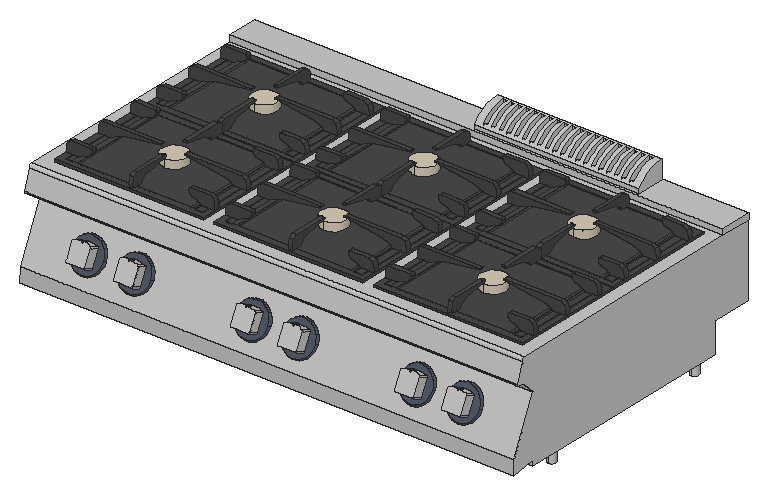
Revit family "QF_ZANUSSI_372004_Z7GCGL6C00", category Specialty Equipment, Revit 2018
Family settings
  Round Connector Dimension = Use Diameter
  Part Type = Normal
  Work Plane-Based = No
  Always vertical = Yes
  Cut with Voids When Loaded = No
  Shared = No
  Room Calculation Point = No
Parameters
  Width = 1200 mm  # constant formula
  Weight in Pounds = 121  # constant formula
  Weight = 0.00 kg
  Watts = 0 W
  Volts = 0 V
  URL Manufacturer = "http://www.zanussiprofessional.com"
  URL Cutsheet = "www.electrolux.com"
  URL = "http://www.zanussiprofessional.com"
  Type Mark [instance] = ""
  Steam Supply Size = 0"
  Steam Supply Minimum Pressure = 0.00 psi
  Steam Supply Maximum Pressure = 0.00 psi
  Steam Pounds per Hour = 0
  Status [instance] = ""
  Specification by User [instance] = ""
  Specification by Manufacturer = ""
  Show Logo [instance] = yes
  Show Clearance [instance] = yes
  Serial Number = ""
  Seismic Rating = ""
  SMACNA No = ""
  Revision Code [instance] = ""
  Refrigeration Suction Line Size = 0"
  Refrigeration Liquid Line Size = 0"
  Refrigerant Compressor Remote = yes
  Phase = 0
  Omniclass Number and Title = ""
  NAFEM Spec ID Number = ""
  Model = "Z7GCGL6C00"
  Mechanical Remarks [instance] = ""
  Mechanical Connection Type [instance] = ""
  Masterspec = ""
  Manufacturer = "Zanussi"
  Length Actual = 1200 mm  # constant formula
  Item Number [instance] = "372004"
  Installed By [instance] = ""
  Identify Quantity as Lot [instance] = yes
  Hot Water Size = 0"
  Height Actual = 250 mm  # constant formula
  Height = 250 mm
  HP = "0 HP"
  Gas Size = 1/2"  # constant formula
  Gas RI Height [instance] = 0 mm
  Gas KW [instance] = 33  # constant formula
  Gas Input [instance] = 112497.0 Btu/h  # constant formula
  Gas Connection Height = 0 mm
  Furnished By [instance] = ""
  Foodservice Equipment Identifier [instance] = yes
  Direct Waste Size = 0"
  Description = "6-BURNER GAS BOILING TOP 1200 MM"
  Depth Actual = 700 mm  # constant formula
  Depth = 715 mm  # constant formula
  Cycle = 0 Hz
  Condensate Return Size = 0"
  Compressed Air Volume = 0 GPM
  Compressed Air Size = 0"
  Compressed Air Pressure = 0.00 psi
  Cold Water Size = 0"
  CSI MasterFormat = ""
  CSI Master Format = ""
  Assembly Code = ""
  Accessory = yes
Reference planes
  plane 1 "BACK": y = 0
  plane 2: z = 0
  plane 3 "LEFT": x = 0
  plane 4 "RIGHT": x = 1200
  plane 5 "FRONT": y = -715
  plane 6 "TOP": z = 302.388
  plane 7 "Center Y": x = 600
  plane 8 "Center X": y = -357.5
  plane 9 "Base Height": z = 24
  plane 10: z = 274
  plane 11: z = 332
  plane 12 "panel": through (-6096, -654.982, 186.002) normal (0, -0.8956, 0.4448)
Forms (mm)
  Extrusion 1, solid, material "QF_Finishes_Stainless Steel"
    sketch origin (0, 0, 0) x (0, 1, 0) y (0, 0, 1)
      loop
        line (0, 98) -> (0, 274) -> (-679.358, 274)
        arc (-679.358, 274) -> (-684.643, 271.811) -> (-686.833, 266.526) r 7.474
        line (-686.833, 266.526) -> (-699.884, 221.011)
        arc (-699.884, 221.011) -> (-699.396, 218.379) -> (-697, 217.184) r 3
        line (-697, 217.184) -> (-686.802, 217.184) -> (-654.982, 185.364) -> (-715, 64.508) -> (-715, 29.508) -> (-658.645, 37.428)
        arc (-658.645, 37.428) -> (-656.101, 36.674) -> (-655, 34.259) r 3.2
        line (-655, 34.259) -> (-655, 24) -> (-103, 24) -> (-103, 98) -> (0, 98)
    from 0 to 1200
  Extrusion 2, solid, material "QF_Finishes_Stainless Steel"
    sketch origin (0, 0, 0) x (0, 1, 0) y (0, 0, 1)
      loop
        line (0, 274) -> (0, 288.1) -> (-76.2, 288.1) -> (-76.2, 274) -> (0, 274)
    from 0 to 1200
  Extrusion 3, solid, material "QF_Finishes_Stainless Steel"
    sketch origin (0, 0, 0) x (1, 0, 0) y (0, 1, 0)
      loop
        circle (11.112, -149.225) r 9.525
      loop
        circle (1188.888, -149.225) r 9.525
      loop
        circle (11.112, -583.488) r 9.525
      loop
        circle (1188.888, -583.488) r 9.525
    from 0 to 24
  Extrusion 4, solid, material "QF_Finishes_Stainless Steel"
    sketch origin (1200, -103.188, 23.813) x (-1, 0, 0) y (0, 0, 1)
      loop
        circle (100, 36.7) r 6.35
    from 0.188 to 26.988
  Extrusion 5, solid, material "QF_Finishes_Clearance", visible <- "Show Clearance", detail levels coarse
    sketch origin (0, 0, 0) x (1, 0, 0) y (0, 1, 0)
      loop
        line (0, -715) -> (0, 0) -> (1200, 0) -> (1200, -715) -> (1350, -715) -> (1350, 150) -> (-150, 150) -> (-150, -715) -> (0, -715)
    from 0 to 331.787
  Extrusion 6, solid, material "QF_Finishes_Stainless Steel"
    sketch origin (190, 0, 14.288) x (0, 1, 0) y (0, 0, 1)
      loop
        line (0, 273.813) -> (0, 317.712)
        arc (0, 317.712) -> (-39.115, 309.039) -> (-69.85, 283.337) r 84.578
        line (-69.85, 283.337) -> (-69.85, 273.813) -> (0, 273.813)
    from 400 to 800
  Extrusion 7, void
    sketch origin (224.989, 0, 288.925) x (-1, 0, 0) y (0, -1, 0)
      loop
        line (-392.079, 6.761) -> (-382.783, 6.761) -> (-382.783, 63.911) -> (-392.079, 63.911) -> (-392.079, 6.761)
      loop
        line (-410.772, 6.761) -> (-401.476, 6.761) -> (-401.476, 63.911) -> (-410.772, 63.911) -> (-410.772, 6.761)
      loop
        line (-429.464, 6.761) -> (-420.169, 6.761) -> (-420.169, 63.911) -> (-429.464, 63.911) -> (-429.464, 6.761)
      loop
        line (-448.157, 6.761) -> (-438.861, 6.761) -> (-438.861, 63.911) -> (-448.157, 63.911) -> (-448.157, 6.761)
      loop
        line (-466.849, 6.761) -> (-457.554, 6.761) -> (-457.554, 63.911) -> (-466.849, 63.911) -> (-466.849, 6.761)
      loop
        line (-485.542, 6.761) -> (-476.246, 6.761) -> (-476.246, 63.911) -> (-485.542, 63.911) -> (-485.542, 6.761)
      loop
        line (-504.235, 6.761) -> (-494.939, 6.761) -> (-494.939, 63.911) -> (-504.235, 63.911) -> (-504.235, 6.761)
      loop
        line (-522.927, 6.761) -> (-513.632, 6.761) -> (-513.632, 63.911) -> (-522.927, 63.911) -> (-522.927, 6.761)
      loop
        line (-541.62, 6.761) -> (-532.324, 6.761) -> (-532.324, 63.911) -> (-541.62, 63.911) -> (-541.62, 6.761)
      loop
        line (-560.313, 6.761) -> (-551.017, 6.761) -> (-551.017, 63.911) -> (-560.313, 63.911) -> (-560.313, 6.761)
      loop
        line (-579.005, 6.761) -> (-569.709, 6.761) -> (-569.709, 63.911) -> (-579.005, 63.911) -> (-579.005, 6.761)
      loop
        line (-597.698, 6.761) -> (-588.402, 6.761) -> (-588.402, 63.911) -> (-597.698, 63.911) -> (-597.698, 6.761)
      loop
        line (-616.39, 6.761) -> (-607.095, 6.761) -> (-607.095, 63.911) -> (-616.39, 63.911) -> (-616.39, 6.761)
      loop
        line (-635.083, 6.761) -> (-625.787, 6.761) -> (-625.787, 63.911) -> (-635.083, 63.911) -> (-635.083, 6.761)
      loop
        line (-653.776, 6.761) -> (-644.48, 6.761) -> (-644.48, 63.911) -> (-653.776, 63.911) -> (-653.776, 6.761)
      loop
        line (-672.468, 6.761) -> (-663.172, 6.761) -> (-663.172, 63.911) -> (-672.468, 63.911) -> (-672.468, 6.761)
      loop
        line (-691.161, 6.761) -> (-681.865, 6.761) -> (-681.865, 63.911) -> (-691.161, 63.911) -> (-691.161, 6.761)
      loop
        line (-709.853, 6.761) -> (-700.558, 6.761) -> (-700.558, 63.911) -> (-709.853, 63.911) -> (-709.853, 6.761)
      loop
        line (-728.546, 6.761) -> (-719.25, 6.761) -> (-719.25, 63.911) -> (-728.546, 63.911) -> (-728.546, 6.761)
      loop
        line (-747.239, 6.761) -> (-737.943, 6.761) -> (-737.943, 63.911) -> (-747.239, 63.911) -> (-747.239, 6.761)
    from 9.525 to 45.348
  Blend 8, solid, material "QF_Finishes_Navy Blue"
    base sketch origin (142.5, -684.991, 125.574) x (1, 0, 0) y (0, 0.444781, 0.895639)
      loop
        circle (0, 0) r 42.5
    top sketch origin (142.5, -684.991, 125.574) x (1, 0, 0) y (0, 0.444781, 0.895639)
      loop
        circle (0, 0) r 40.5
    from 0 to 5
  Extrusion 9, solid, material "QF_Finishes_Stainless Steel"
    sketch origin (142.5, -684.991, 125.574) x (1, 0, 0) y (0, 0.444781, 0.895639)
      loop
        arc (-21.147, 22.789) -> (-22.494, 21.685) -> (-23, 20.019) r 2.997
        line (-23, 20.019) -> (-23, -20.019)
        arc (-23, -20.019) -> (-22.122, -22.138) -> (-20.003, -23.016) r 2.997
        line (-20.003, -23.016) -> (20.003, -23.016)
        arc (20.003, -23.016) -> (22.122, -22.138) -> (23, -20.019) r 2.997
        line (23, -20.019) -> (23, 20.019)
        arc (23, 20.019) -> (22.494, 21.685) -> (21.147, 22.789) r 2.997
        arc (21.147, 22.789) -> (0, 26.984) -> (-21.147, 22.789) r 55.4
    from 10 to 34
  Extrusion 10, solid, material "QF_Plastic-Black-Matte"
    sketch origin (200, -684.991, 125.574) x (0, 0.444781, 0.895639) y (0, -0.895639, 0.444781)
      loop
        line (26.984, 34) -> (26.984, 19) -> (27.984, 19) -> (27.984, 34)
        arc (27.984, 34) -> (27.691, 34.707) -> (26.984, 35) r 1
        line (26.984, 35) -> (23.984, 35) -> (23.984, 34) -> (26.984, 34)
    from -58.5 to -56.5
  Extrusion 11, solid, material "QF_Finishes_Stainless Steel"
    sketch origin (142.5, -684.991, 125.574) x (1, 0, 0) y (0, 0.444781, 0.895639)
      loop
        line (17.5, 17.5) -> (-17.5, 17.5) -> (-17.5, -17.5) -> (17.5, -17.5) -> (17.5, 17.5)
    from 5 to 10
  Extrusion 12, solid, material "QF_Plastic-Black-Matte"
    sketch origin (200, -684.991, 125.574) x (0, 0.444781, 0.895639) y (0, 0.895639, -0.444781)
      loop
        line (26.984, -34) -> (23.984, -34) -> (23.984, -35) -> (26.984, -35)
        arc (26.984, -35) -> (27.691, -34.707) -> (27.984, -34) r 1
        line (27.984, -34) -> (27.984, -19) -> (26.984, -19) -> (26.984, -34)
    from -58.5 to -56.5
  Extrusion 13, solid, material "QF_Finishes_Stainless Steel"
    sketch origin (257.5, -684.991, 125.574) x (-1, 0, 0) y (0, -0.444781, -0.895639)
      loop
        line (17.5, -17.5) -> (17.5, 17.5) -> (-17.5, 17.5) -> (-17.5, -17.5) -> (17.5, -17.5)
    from 5 to 10
  Blend 14, solid, material "QF_Finishes_Navy Blue"
    base sketch origin (257.5, -684.991, 125.574) x (1, 0, 0) y (0, 0.444781, 0.895639)
      loop
        circle (0, 0) r 42.5
    top sketch origin (257.5, -684.991, 125.574) x (1, 0, 0) y (0, 0.444781, 0.895639)
      loop
        circle (0, 0) r 40.5
    from 0 to 5
  Extrusion 15, solid, material "QF_Finishes_Stainless Steel"
    sketch origin (257.5, -684.991, 125.574) x (-1, 0, 0) y (0, -0.444781, -0.895639)
      loop
        arc (-21.147, -22.789) -> (0, -26.984) -> (21.147, -22.789) r 55.4
        arc (21.147, -22.789) -> (22.494, -21.685) -> (23, -20.019) r 2.997
        line (23, -20.019) -> (23, 20.019)
        arc (23, 20.019) -> (22.122, 22.138) -> (20.003, 23.016) r 2.997
        line (20.003, 23.016) -> (-20.003, 23.016)
        arc (-20.003, 23.016) -> (-22.122, 22.138) -> (-23, 20.019) r 2.997
        line (-23, 20.019) -> (-23, -20.019)
        arc (-23, -20.019) -> (-22.494, -21.685) -> (-21.147, -22.789) r 2.997
    from 10 to 34
  Blend 16, solid, material "QF_Finishes_Navy Blue", not visible
    base sketch origin (-57.5, -728.449, 38.065) x (1, 0, 0) y (0, 0.444781, 0.895639)
      loop
        circle (0, 0) r 42.5
    top sketch origin (-57.5, -728.449, 38.065) x (1, 0, 0) y (0, 0.444781, 0.895639)
      loop
        circle (0, 0) r 40.5
    from 0 to 5
  Extrusion 17, solid, material "QF_Finishes_Stainless Steel", not visible
    sketch origin (-57.5, -728.449, 38.065) x (1, 0, 0) y (0, 0.444781, 0.895639)
      loop
        arc (-21.147, 22.789) -> (-22.494, 21.685) -> (-23, 20.019) r 2.997
        line (-23, 20.019) -> (-23, -20.019)
        arc (-23, -20.019) -> (-22.122, -22.138) -> (-20.003, -23.016) r 2.997
        line (-20.003, -23.016) -> (20.003, -23.016)
        arc (20.003, -23.016) -> (22.122, -22.138) -> (23, -20.019) r 2.997
        line (23, -20.019) -> (23, 20.019)
        arc (23, 20.019) -> (22.494, 21.685) -> (21.147, 22.789) r 2.997
        arc (21.147, 22.789) -> (0, 26.984) -> (-21.147, 22.789) r 55.4
    from 10 to 34
  Extrusion 18, solid, material "QF_Plastic-Black-Matte", not visible
    sketch origin (0, -728.449, 38.065) x (0, 0.444781, 0.895639) y (0, -0.895639, 0.444781)
      loop
        line (26.984, 34) -> (26.984, 19) -> (27.984, 19) -> (27.984, 34)
        arc (27.984, 34) -> (27.691, 34.707) -> (26.984, 35) r 1
        line (26.984, 35) -> (23.984, 35) -> (23.984, 34) -> (26.984, 34)
    from -58.5 to -56.5
  Extrusion 19, solid, material "QF_Finishes_Stainless Steel", not visible
    sketch origin (-57.5, -728.449, 38.065) x (1, 0, 0) y (0, 0.444781, 0.895639)
      loop
        line (17.5, 17.5) -> (-17.5, 17.5) -> (-17.5, -17.5) -> (17.5, -17.5) -> (17.5, 17.5)
    from 5 to 10
  Extrusion 20, solid, material "QF_Plastic-Black-Matte", not visible
    sketch origin (0, -728.449, 38.065) x (0, 0.444781, 0.895639) y (0, 0.895639, -0.444781)
      loop
        line (26.984, -34) -> (23.984, -34) -> (23.984, -35) -> (26.984, -35)
        arc (26.984, -35) -> (27.691, -34.707) -> (27.984, -34) r 1
        line (27.984, -34) -> (27.984, -19) -> (26.984, -19) -> (26.984, -34)
    from -58.5 to -56.5
  Extrusion 21, solid, material "QF_Finishes_Stainless Steel", not visible
    sketch origin (57.5, -728.449, 38.065) x (-1, 0, 0) y (0, -0.444781, -0.895639)
      loop
        line (17.5, -17.5) -> (17.5, 17.5) -> (-17.5, 17.5) -> (-17.5, -17.5) -> (17.5, -17.5)
    from 5 to 10
  Blend 22, solid, material "QF_Finishes_Navy Blue", not visible
    base sketch origin (57.5, -728.449, 38.065) x (1, 0, 0) y (0, 0.444781, 0.895639)
      loop
        circle (0, 0) r 42.5
    top sketch origin (57.5, -728.449, 38.065) x (1, 0, 0) y (0, 0.444781, 0.895639)
      loop
        circle (0, 0) r 40.5
    from 0 to 5
  Extrusion 23, solid, material "QF_Finishes_Stainless Steel", not visible
    sketch origin (57.5, -728.449, 38.065) x (-1, 0, 0) y (0, -0.444781, -0.895639)
      loop
        arc (-21.147, -22.789) -> (0, -26.984) -> (21.147, -22.789) r 55.4
        arc (21.147, -22.789) -> (22.494, -21.685) -> (23, -20.019) r 2.997
        line (23, -20.019) -> (23, 20.019)
        arc (23, 20.019) -> (22.122, 22.138) -> (20.003, 23.016) r 2.997
        line (20.003, 23.016) -> (-20.003, 23.016)
        arc (-20.003, 23.016) -> (-22.122, 22.138) -> (-23, 20.019) r 2.997
        line (-23, 20.019) -> (-23, -20.019)
        arc (-23, -20.019) -> (-22.494, -21.685) -> (-21.147, -22.789) r 2.997
    from 10 to 34
  Blend 24, solid, material "QF_Finishes_Navy Blue"
    base sketch origin (542.5, -684.991, 125.574) x (1, 0, 0) y (0, 0.444781, 0.895639)
      loop
        circle (0, 0) r 42.5
    top sketch origin (542.5, -684.991, 125.574) x (1, 0, 0) y (0, 0.444781, 0.895639)
      loop
        circle (0, 0) r 40.5
    from 0 to 5
  Extrusion 25, solid, material "QF_Finishes_Stainless Steel"
    sketch origin (542.5, -684.991, 125.574) x (1, 0, 0) y (0, 0.444781, 0.895639)
      loop
        arc (-21.147, 22.789) -> (-22.494, 21.685) -> (-23, 20.019) r 2.997
        line (-23, 20.019) -> (-23, -20.019)
        arc (-23, -20.019) -> (-22.122, -22.138) -> (-20.003, -23.016) r 2.997
        line (-20.003, -23.016) -> (20.003, -23.016)
        arc (20.003, -23.016) -> (22.122, -22.138) -> (23, -20.019) r 2.997
        line (23, -20.019) -> (23, 20.019)
        arc (23, 20.019) -> (22.494, 21.685) -> (21.147, 22.789) r 2.997
        arc (21.147, 22.789) -> (0, 26.984) -> (-21.147, 22.789) r 55.4
    from 10 to 34
  Extrusion 26, solid, material "QF_Plastic-Black-Matte"
    sketch origin (600, -684.991, 125.574) x (0, 0.444781, 0.895639) y (0, -0.895639, 0.444781)
      loop
        line (26.984, 34) -> (26.984, 19) -> (27.984, 19) -> (27.984, 34)
        arc (27.984, 34) -> (27.691, 34.707) -> (26.984, 35) r 1
        line (26.984, 35) -> (23.984, 35) -> (23.984, 34) -> (26.984, 34)
    from -58.5 to -56.5
  Extrusion 27, solid, material "QF_Finishes_Stainless Steel"
    sketch origin (542.5, -684.991, 125.574) x (1, 0, 0) y (0, 0.444781, 0.895639)
      loop
        line (17.5, 17.5) -> (-17.5, 17.5) -> (-17.5, -17.5) -> (17.5, -17.5) -> (17.5, 17.5)
    from 5 to 10
  Extrusion 28, solid, material "QF_Plastic-Black-Matte"
    sketch origin (600, -684.991, 125.574) x (0, 0.444781, 0.895639) y (0, 0.895639, -0.444781)
      loop
        line (26.984, -34) -> (23.984, -34) -> (23.984, -35) -> (26.984, -35)
        arc (26.984, -35) -> (27.691, -34.707) -> (27.984, -34) r 1
        line (27.984, -34) -> (27.984, -19) -> (26.984, -19) -> (26.984, -34)
    from -58.5 to -56.5
  Extrusion 29, solid, material "QF_Finishes_Stainless Steel"
    sketch origin (657.5, -684.991, 125.574) x (-1, 0, 0) y (0, -0.444781, -0.895639)
      loop
        line (17.5, -17.5) -> (17.5, 17.5) -> (-17.5, 17.5) -> (-17.5, -17.5) -> (17.5, -17.5)
    from 5 to 10
  Blend 30, solid, material "QF_Finishes_Navy Blue"
    base sketch origin (657.5, -684.991, 125.574) x (1, 0, 0) y (0, 0.444781, 0.895639)
      loop
        circle (0, 0) r 42.5
    top sketch origin (657.5, -684.991, 125.574) x (1, 0, 0) y (0, 0.444781, 0.895639)
      loop
        circle (0, 0) r 40.5
    from 0 to 5
  Extrusion 31, solid, material "QF_Finishes_Stainless Steel"
    sketch origin (657.5, -684.991, 125.574) x (-1, 0, 0) y (0, -0.444781, -0.895639)
      loop
        arc (-21.147, -22.789) -> (0, -26.984) -> (21.147, -22.789) r 55.4
        arc (21.147, -22.789) -> (22.494, -21.685) -> (23, -20.019) r 2.997
        line (23, -20.019) -> (23, 20.019)
        arc (23, 20.019) -> (22.122, 22.138) -> (20.003, 23.016) r 2.997
        line (20.003, 23.016) -> (-20.003, 23.016)
        arc (-20.003, 23.016) -> (-22.122, 22.138) -> (-23, 20.019) r 2.997
        line (-23, 20.019) -> (-23, -20.019)
        arc (-23, -20.019) -> (-22.494, -21.685) -> (-21.147, -22.789) r 2.997
    from 10 to 34
  Blend 32, solid, material "QF_Finishes_Navy Blue"
    base sketch origin (942.5, -684.991, 125.574) x (1, 0, 0) y (0, 0.444781, 0.895639)
      loop
        circle (0, 0) r 42.5
    top sketch origin (942.5, -684.991, 125.574) x (1, 0, 0) y (0, 0.444781, 0.895639)
      loop
        circle (0, 0) r 40.5
    from 0 to 5
  Extrusion 33, solid, material "QF_Finishes_Stainless Steel"
    sketch origin (942.5, -684.991, 125.574) x (1, 0, 0) y (0, 0.444781, 0.895639)
      loop
        arc (-21.147, 22.789) -> (-22.494, 21.685) -> (-23, 20.019) r 2.997
        line (-23, 20.019) -> (-23, -20.019)
        arc (-23, -20.019) -> (-22.122, -22.138) -> (-20.003, -23.016) r 2.997
        line (-20.003, -23.016) -> (20.003, -23.016)
        arc (20.003, -23.016) -> (22.122, -22.138) -> (23, -20.019) r 2.997
        line (23, -20.019) -> (23, 20.019)
        arc (23, 20.019) -> (22.494, 21.685) -> (21.147, 22.789) r 2.997
        arc (21.147, 22.789) -> (0, 26.984) -> (-21.147, 22.789) r 55.4
    from 10 to 34
  Extrusion 34, solid, material "QF_Plastic-Black-Matte"
    sketch origin (1000, -684.991, 125.574) x (0, 0.444781, 0.895639) y (0, -0.895639, 0.444781)
      loop
        line (26.984, 34) -> (26.984, 19) -> (27.984, 19) -> (27.984, 34)
        arc (27.984, 34) -> (27.691, 34.707) -> (26.984, 35) r 1
        line (26.984, 35) -> (23.984, 35) -> (23.984, 34) -> (26.984, 34)
    from -58.5 to -56.5
  Extrusion 35, solid, material "QF_Finishes_Stainless Steel"
    sketch origin (942.5, -684.991, 125.574) x (1, 0, 0) y (0, 0.444781, 0.895639)
      loop
        line (17.5, 17.5) -> (-17.5, 17.5) -> (-17.5, -17.5) -> (17.5, -17.5) -> (17.5, 17.5)
    from 5 to 10
  Extrusion 36, solid, material "QF_Plastic-Black-Matte"
    sketch origin (1000, -684.991, 125.574) x (0, 0.444781, 0.895639) y (0, 0.895639, -0.444781)
      loop
        line (26.984, -34) -> (23.984, -34) -> (23.984, -35) -> (26.984, -35)
        arc (26.984, -35) -> (27.691, -34.707) -> (27.984, -34) r 1
        line (27.984, -34) -> (27.984, -19) -> (26.984, -19) -> (26.984, -34)
    from -58.5 to -56.5
  Extrusion 37, solid, material "QF_Finishes_Stainless Steel"
    sketch origin (1057.5, -684.991, 125.574) x (-1, 0, 0) y (0, -0.444781, -0.895639)
      loop
        line (17.5, -17.5) -> (17.5, 17.5) -> (-17.5, 17.5) -> (-17.5, -17.5) -> (17.5, -17.5)
    from 5 to 10
  Blend 38, solid, material "QF_Finishes_Navy Blue"
    base sketch origin (1057.5, -684.991, 125.574) x (1, 0, 0) y (0, 0.444781, 0.895639)
      loop
        circle (0, 0) r 42.5
    top sketch origin (1057.5, -684.991, 125.574) x (1, 0, 0) y (0, 0.444781, 0.895639)
      loop
        circle (0, 0) r 40.5
    from 0 to 5
  Extrusion 39, solid, material "QF_Finishes_Stainless Steel"
    sketch origin (1057.5, -684.991, 125.574) x (-1, 0, 0) y (0, -0.444781, -0.895639)
      loop
        arc (-21.147, -22.789) -> (0, -26.984) -> (21.147, -22.789) r 55.4
        arc (21.147, -22.789) -> (22.494, -21.685) -> (23, -20.019) r 2.997
        line (23, -20.019) -> (23, 20.019)
        arc (23, 20.019) -> (22.122, 22.138) -> (20.003, 23.016) r 2.997
        line (20.003, 23.016) -> (-20.003, 23.016)
        arc (-20.003, 23.016) -> (-22.122, 22.138) -> (-23, 20.019) r 2.997
        line (-23, 20.019) -> (-23, -20.019)
        arc (-23, -20.019) -> (-22.494, -21.685) -> (-21.147, -22.789) r 2.997
    from 10 to 34
Cuts and joins
  Extrusion 7 cuts Extrusion 5
  Extrusion 7 cuts Extrusion 6
Lines and regions (mm)
  Split face 1
    outline origin (142.5, -689.469, 127.797) x (1, 0, 0) y (0, 0.444781, 0.895639)
      loop
        circle (-33, 0) r 3
  Split face 2
    outline origin (263.401, -689.469, 127.797) x (1, 0, 0) y (0, 0.444781, 0.895639)
      loop
        line (-8.901, 38.561) -> (-8.901, 28.561) -> (-2.901, 28.561) -> (-2.901, 38.561) -> (-8.901, 38.561)
  Split face 3
    outline origin (263.401, -689.469, 127.797) x (1, 0, 0) y (0, 0.444781, 0.895639)
      loop
        line (-8.401, 38.061) -> (-8.401, 29.061) -> (-3.401, 29.061) -> (-3.401, 38.061) -> (-8.401, 38.061)
  Split face 4
    outline origin (263.401, -689.469, 127.797) x (1, 0, 0) y (0, 0.444781, 0.895639)
      loop
        line (-8.401, 33.561) -> (-3.401, 33.561)
  Split face 5
    outline origin (263.401, -689.469, 127.797) x (1, 0, 0) y (0, 0.444781, 0.895639)
      loop
        line (-8.401, 33.061) -> (-3.401, 33.061)
  Split face 6
    outline origin (148.401, -689.469, 127.797) x (1, 0, 0) y (0, 0.444781, 0.895639)
      loop
        line (-8.901, 38.561) -> (-8.901, 28.561) -> (-2.901, 28.561) -> (-2.901, 38.561) -> (-8.901, 38.561)
  Split face 7
    outline origin (148.401, -689.469, 127.797) x (1, 0, 0) y (0, 0.444781, 0.895639)
      loop
        line (-8.401, 38.061) -> (-8.401, 29.061) -> (-3.401, 29.061) -> (-3.401, 38.061) -> (-8.401, 38.061)
  Split face 8
    outline origin (148.401, -689.469, 127.797) x (1, 0, 0) y (0, 0.444781, 0.895639)
      loop
        line (-8.401, 34.061) -> (-3.401, 34.061)
  Split face 9
    outline origin (148.401, -689.469, 127.797) x (1, 0, 0) y (0, 0.444781, 0.895639)
      loop
        line (-8.401, 33.561) -> (-3.401, 33.561)
  Split face 10
    outline origin (168.157, -675.159, 156.613) x (-1, 0, 0) y (0, -0.444781, -0.895639)
      loop
        circle (43.456, 61.543) r 1.5
  Split face 11
    outline origin (148.401, -689.469, 127.797) x (1, 0, 0) y (0, 0.444781, 0.895639)
      loop
        circle (-5.901, 31.311) r 2.029
  Split face 12
    outline origin (263.401, -689.469, 127.797) x (1, 0, 0) y (0, 0.444781, 0.895639)
      loop
        circle (-5.901, 35.811) r 2.031
  Split face 13
    outline origin (142.5, -689.469, 127.797) x (1, 0, 0) y (0, 0.444781, 0.895639)
      loop
        circle (-24.487, 26.694) r 3.497
  Split face 14
    outline origin (257.5, -689.469, 127.797) x (1, 0, 0) y (0, 0.444781, 0.895639)
      loop
        circle (-24.487, 26.694) r 3.497
  Split face 15
    outline origin (257.5, -689.469, 127.797) x (1, 0, 0) y (0, 0.444781, 0.895639)
      loop
        circle (-33, 0) r 3
  Split face 16
    outline origin (257.5, -689.469, 127.797) x (1, 0, 0) y (0, 0.444781, 0.895639)
      loop
        circle (-17.8, -29.371) r 1.5
  Split face 17
    outline origin (542.5, -689.469, 127.797) x (1, 0, 0) y (0, 0.444781, 0.895639)
      loop
        circle (-33, 0) r 3
  Split face 18
    outline origin (663.401, -689.469, 127.797) x (1, 0, 0) y (0, 0.444781, 0.895639)
      loop
        line (-8.901, 38.561) -> (-8.901, 28.561) -> (-2.901, 28.561) -> (-2.901, 38.561) -> (-8.901, 38.561)
  Split face 19
    outline origin (663.401, -689.469, 127.797) x (1, 0, 0) y (0, 0.444781, 0.895639)
      loop
        line (-8.401, 38.061) -> (-8.401, 29.061) -> (-3.401, 29.061) -> (-3.401, 38.061) -> (-8.401, 38.061)
  Split face 20
    outline origin (663.401, -689.469, 127.797) x (1, 0, 0) y (0, 0.444781, 0.895639)
      loop
        line (-8.401, 33.561) -> (-3.401, 33.561)
  Split face 21
    outline origin (663.401, -689.469, 127.797) x (1, 0, 0) y (0, 0.444781, 0.895639)
      loop
        line (-8.401, 33.061) -> (-3.401, 33.061)
  Split face 22
    outline origin (548.401, -689.469, 127.797) x (1, 0, 0) y (0, 0.444781, 0.895639)
      loop
        line (-8.901, 38.561) -> (-8.901, 28.561) -> (-2.901, 28.561) -> (-2.901, 38.561) -> (-8.901, 38.561)
  Split face 23
    outline origin (548.401, -689.469, 127.797) x (1, 0, 0) y (0, 0.444781, 0.895639)
      loop
        line (-8.401, 38.061) -> (-8.401, 29.061) -> (-3.401, 29.061) -> (-3.401, 38.061) -> (-8.401, 38.061)
  Split face 24
    outline origin (548.401, -689.469, 127.797) x (1, 0, 0) y (0, 0.444781, 0.895639)
      loop
        line (-8.401, 34.061) -> (-3.401, 34.061)
  Split face 25
    outline origin (548.401, -689.469, 127.797) x (1, 0, 0) y (0, 0.444781, 0.895639)
      loop
        line (-8.401, 33.561) -> (-3.401, 33.561)
  Split face 26
    outline origin (568.157, -675.159, 156.613) x (-1, 0, 0) y (0, -0.444781, -0.895639)
      loop
        circle (43.456, 61.543) r 1.5
  Split face 27
    outline origin (548.401, -689.469, 127.797) x (1, 0, 0) y (0, 0.444781, 0.895639)
      loop
        circle (-5.901, 31.311) r 2.029
  Split face 28
    outline origin (663.401, -689.469, 127.797) x (1, 0, 0) y (0, 0.444781, 0.895639)
      loop
        circle (-5.901, 35.811) r 2.031
  Split face 29
    outline origin (542.5, -689.469, 127.797) x (1, 0, 0) y (0, 0.444781, 0.895639)
      loop
        circle (-24.487, 26.694) r 3.497
  Split face 30
    outline origin (657.5, -689.469, 127.797) x (1, 0, 0) y (0, 0.444781, 0.895639)
      loop
        circle (-24.487, 26.694) r 3.497
  Split face 31
    outline origin (657.5, -689.469, 127.797) x (1, 0, 0) y (0, 0.444781, 0.895639)
      loop
        circle (-33, 0) r 3
  Split face 32
    outline origin (657.5, -689.469, 127.797) x (1, 0, 0) y (0, 0.444781, 0.895639)
      loop
        circle (-17.8, -29.371) r 1.5
  Split face 33
    outline origin (942.5, -689.469, 127.797) x (1, 0, 0) y (0, 0.444781, 0.895639)
      loop
        circle (-33, 0) r 3
  Split face 34
    outline origin (1063.401, -689.469, 127.797) x (1, 0, 0) y (0, 0.444781, 0.895639)
      loop
        line (-8.901, 38.561) -> (-8.901, 28.561) -> (-2.901, 28.561) -> (-2.901, 38.561) -> (-8.901, 38.561)
  Split face 35
    outline origin (1063.401, -689.469, 127.797) x (1, 0, 0) y (0, 0.444781, 0.895639)
      loop
        line (-8.401, 38.061) -> (-8.401, 29.061) -> (-3.401, 29.061) -> (-3.401, 38.061) -> (-8.401, 38.061)
  Split face 36
    outline origin (1063.401, -689.469, 127.797) x (1, 0, 0) y (0, 0.444781, 0.895639)
      loop
        line (-8.401, 33.561) -> (-3.401, 33.561)
  Split face 37
    outline origin (1063.401, -689.469, 127.797) x (1, 0, 0) y (0, 0.444781, 0.895639)
      loop
        line (-8.401, 33.061) -> (-3.401, 33.061)
  Split face 38
    outline origin (948.401, -689.469, 127.797) x (1, 0, 0) y (0, 0.444781, 0.895639)
      loop
        line (-8.901, 38.561) -> (-8.901, 28.561) -> (-2.901, 28.561) -> (-2.901, 38.561) -> (-8.901, 38.561)
  Split face 39
    outline origin (948.401, -689.469, 127.797) x (1, 0, 0) y (0, 0.444781, 0.895639)
      loop
        line (-8.401, 38.061) -> (-8.401, 29.061) -> (-3.401, 29.061) -> (-3.401, 38.061) -> (-8.401, 38.061)
  Split face 40
    outline origin (948.401, -689.469, 127.797) x (1, 0, 0) y (0, 0.444781, 0.895639)
      loop
        line (-8.401, 34.061) -> (-3.401, 34.061)
  Split face 41
    outline origin (948.401, -689.469, 127.797) x (1, 0, 0) y (0, 0.444781, 0.895639)
      loop
        line (-8.401, 33.561) -> (-3.401, 33.561)
  Split face 42
    outline origin (968.157, -675.159, 156.613) x (-1, 0, 0) y (0, -0.444781, -0.895639)
      loop
        circle (43.456, 61.543) r 1.5
  Split face 43
    outline origin (948.401, -689.469, 127.797) x (1, 0, 0) y (0, 0.444781, 0.895639)
      loop
        circle (-5.901, 31.311) r 2.029
  Split face 44
    outline origin (1063.401, -689.469, 127.797) x (1, 0, 0) y (0, 0.444781, 0.895639)
      loop
        circle (-5.901, 35.811) r 2.031
  Split face 45
    outline origin (942.5, -689.469, 127.797) x (1, 0, 0) y (0, 0.444781, 0.895639)
      loop
        circle (-24.487, 26.694) r 3.497
  Split face 46
    outline origin (1057.5, -689.469, 127.797) x (1, 0, 0) y (0, 0.444781, 0.895639)
      loop
        circle (-24.487, 26.694) r 3.497
  Split face 47
    outline origin (1057.5, -689.469, 127.797) x (1, 0, 0) y (0, 0.444781, 0.895639)
      loop
        circle (-33, 0) r 3
  Split face 48
    outline origin (1057.5, -689.469, 127.797) x (1, 0, 0) y (0, 0.444781, 0.895639)
      loop
        circle (-17.8, -29.371) r 1.5
  symbolic lines
    curve 1: line (0, 0, 0) -> (0, -715.129, 0)
    curve 2: line (1200, 0, 0) -> (0, 0, 0)
    curve 3: line (1200, -715.129, 0) -> (1200, 0, 0)
    curve 4: line (0, -76.2, 0) -> (1200, -76.2, 0)
    curve 5: line (0, -69.85, 0) -> (1200, -69.85, 0)
    curve 9: line (607.772, -63.911, 0) -> (607.772, -6.761, 0)
    curve 10: line (607.772, -6.761, 0) -> (617.068, -6.761, 0)
    curve 11: line (617.068, -6.761, 0) -> (617.068, -63.911, 0)
    curve 12: line (617.068, -63.911, 0) -> (607.772, -63.911, 0)
    curve 13: line (626.465, -63.911, 0) -> (626.465, -6.761, 0)
    curve 14: line (626.465, -6.761, 0) -> (635.761, -6.761, 0)
    curve 15: line (635.761, -6.761, 0) -> (635.761, -63.911, 0)
    curve 16: line (635.761, -63.911, 0) -> (626.465, -63.911, 0)
    curve 17: line (645.158, -63.911, 0) -> (645.158, -6.761, 0)
    curve 18: line (645.158, -6.761, 0) -> (654.453, -6.761, 0)
    curve 19: line (654.453, -6.761, 0) -> (654.453, -63.911, 0)
    curve 20: line (654.453, -63.911, 0) -> (645.158, -63.911, 0)
    curve 21: line (663.85, -63.911, 0) -> (663.85, -6.761, 0)
    curve 22: line (663.85, -6.761, 0) -> (673.146, -6.761, 0)
    curve 23: line (673.146, -6.761, 0) -> (673.146, -63.911, 0)
    curve 24: line (673.146, -63.911, 0) -> (663.85, -63.911, 0)
    curve 25: line (682.543, -63.911, 0) -> (682.543, -6.761, 0)
    curve 26: line (682.543, -6.761, 0) -> (691.839, -6.761, 0)
    curve 27: line (691.839, -6.761, 0) -> (691.839, -63.911, 0)
    curve 28: line (691.839, -63.911, 0) -> (682.543, -63.911, 0)
    curve 29: line (701.235, -63.911, 0) -> (701.235, -6.761, 0)
    curve 30: line (701.235, -6.761, 0) -> (710.531, -6.761, 0)
    curve 31: line (710.531, -6.761, 0) -> (710.531, -63.911, 0)
    curve 32: line (710.531, -63.911, 0) -> (701.235, -63.911, 0)
    curve 33: line (719.928, -63.911, 0) -> (719.928, -6.761, 0)
    curve 34: line (719.928, -6.761, 0) -> (729.224, -6.761, 0)
    curve 35: line (729.224, -6.761, 0) -> (729.224, -63.911, 0)
    curve 36: line (729.224, -63.911, 0) -> (719.928, -63.911, 0)
    curve 37: line (738.621, -63.911, 0) -> (738.621, -6.761, 0)
    curve 38: line (738.621, -6.761, 0) -> (747.916, -6.761, 0)
    curve 39: line (747.916, -6.761, 0) -> (747.916, -63.911, 0)
    curve 40: line (747.916, -63.911, 0) -> (738.621, -63.911, 0)
    curve 41: line (757.313, -63.911, 0) -> (757.313, -6.761, 0)
    curve 42: line (757.313, -6.761, 0) -> (766.609, -6.761, 0)
    curve 43: line (766.609, -6.761, 0) -> (766.609, -63.911, 0)
    curve 44: line (766.609, -63.911, 0) -> (757.313, -63.911, 0)
    curve 45: line (776.006, -63.911, 0) -> (776.006, -6.761, 0)
    curve 46: line (776.006, -6.761, 0) -> (785.302, -6.761, 0)
    curve 47: line (785.302, -6.761, 0) -> (785.302, -63.911, 0)
    curve 48: line (785.302, -63.911, 0) -> (776.006, -63.911, 0)
    curve 49: line (794.698, -63.911, 0) -> (794.698, -6.761, 0)
    curve 50: line (794.698, -6.761, 0) -> (803.994, -6.761, 0)
    curve 51: line (803.994, -6.761, 0) -> (803.994, -63.911, 0)
    curve 52: line (803.994, -63.911, 0) -> (794.698, -63.911, 0)
    curve 53: line (813.391, -63.911, 0) -> (813.391, -6.761, 0)
    curve 54: line (813.391, -6.761, 0) -> (822.687, -6.761, 0)
    curve 55: line (822.687, -6.761, 0) -> (822.687, -63.911, 0)
    curve 56: line (822.687, -63.911, 0) -> (813.391, -63.911, 0)
    curve 57: line (832.084, -63.911, 0) -> (832.084, -6.761, 0)
    curve 58: line (832.084, -6.761, 0) -> (841.379, -6.761, 0)
    curve 59: line (841.379, -6.761, 0) -> (841.379, -63.911, 0)
    curve 60: line (841.379, -63.911, 0) -> (832.084, -63.911, 0)
    curve 61: line (962.932, -63.911, 0) -> (962.932, -6.761, 0)
    curve 62: line (962.932, -6.761, 0) -> (972.228, -6.761, 0)
    curve 63: line (972.228, -6.761, 0) -> (972.228, -63.911, 0)
    curve 64: line (972.228, -63.911, 0) -> (962.932, -63.911, 0)
    curve 65: line (944.239, -63.911, 0) -> (944.239, -6.761, 0)
    curve 66: line (944.239, -6.761, 0) -> (953.535, -6.761, 0)
    curve 67: line (953.535, -6.761, 0) -> (953.535, -63.911, 0)
    curve 68: line (953.535, -63.911, 0) -> (944.239, -63.911, 0)
    curve 69: line (925.547, -63.911, 0) -> (925.547, -6.761, 0)
    curve 70: line (925.547, -6.761, 0) -> (934.842, -6.761, 0)
    curve 71: line (934.842, -6.761, 0) -> (934.842, -63.911, 0)
    curve 72: line (934.842, -63.911, 0) -> (925.547, -63.911, 0)
    curve 73: line (906.854, -63.911, 0) -> (906.854, -6.761, 0)
    curve 74: line (906.854, -6.761, 0) -> (916.15, -6.761, 0)
    curve 75: line (916.15, -6.761, 0) -> (916.15, -63.911, 0)
    curve 76: line (916.15, -63.911, 0) -> (906.854, -63.911, 0)
    curve 77: line (888.161, -63.911, 0) -> (888.161, -6.761, 0)
    curve 78: line (888.161, -6.761, 0) -> (897.457, -6.761, 0)
    curve 79: line (897.457, -6.761, 0) -> (897.457, -63.911, 0)
    curve 80: line (897.457, -63.911, 0) -> (888.161, -63.911, 0)
    curve 81: line (869.469, -63.911, 0) -> (869.469, -6.761, 0)
    curve 82: line (869.469, -6.761, 0) -> (878.765, -6.761, 0)
    curve 83: line (878.765, -6.761, 0) -> (878.765, -63.911, 0)
    curve 84: line (878.765, -63.911, 0) -> (869.469, -63.911, 0)
    curve 85: line (850.776, -63.911, 0) -> (850.776, -6.761, 0)
    curve 86: line (850.776, -6.761, 0) -> (860.072, -6.761, 0)
    curve 87: line (860.072, -6.761, 0) -> (860.072, -63.911, 0)
    curve 88: line (860.072, -63.911, 0) -> (850.776, -63.911, 0)
    curve 89: line (0, -700, 0) -> (1200.05, -700, 0)
    curve 90: line (119.525, -700, 0) -> (119.525, -724.347, 0)
    curve 91: arc (119.525, -724.347, 0) -> (119.671, -724.811, 0) -> (120.057, -725.107, 0) r 0.809
    curve 92: arc (120.057, -725.107, 0) -> (121.245, -725.587, 0) -> (122.522, -725.68, 0) r 4.127
    curve 93: arc (119.525, -704.292, 0) -> (114.484, -702.458, 0) -> (109.716, -700, 0) r 42.24
    curve 94: arc (119.525, -706.539, 0) -> (120.027, -705.818, 0) -> (120.824, -705.448, 0) r 1.682
    curve 95: arc (120.824, -705.448, 0) -> (131.127, -703.95, 0) -> (141.525, -703.441, 0) r 109.079
    curve 96: line (141.525, -700, 0) -> (141.525, -705.671, 0)
    curve 97: line (141.525, -705.671, 0) -> (143.525, -705.671, 0)
    curve 98: line (143.525, -705.671, 0) -> (143.525, -700, 0)
    curve 99: line (165.525, -700, 0) -> (165.525, -724.347, 0)
    curve 100: arc (165.525, -724.347, 0) -> (165.379, -724.811, 0) -> (164.993, -725.107, 0) r 0.809
    curve 101: arc (164.993, -725.107, 0) -> (163.805, -725.587, 0) -> (162.528, -725.68, 0) r 4.127
    curve 102: arc (165.525, -704.292, 0) -> (170.566, -702.458, 0) -> (175.334, -700, 0) r 42.24
    curve 103: arc (165.525, -706.539, 0) -> (165.023, -705.818, 0) -> (164.226, -705.448, 0) r 1.682
    curve 104: arc (164.226, -705.448, 0) -> (153.923, -703.95, 0) -> (143.525, -703.441, 0) r 109.079
    curve 105: line (122.522, -725.68, 0) -> (162.528, -725.68, 0)
    curve 106: line (280.525, -700, 0) -> (280.525, -724.347, 0)
    curve 107: arc (280.525, -724.347, 0) -> (280.379, -724.811, 0) -> (279.993, -725.107, 0) r 0.809
    curve 108: arc (279.993, -725.107, 0) -> (278.805, -725.587, 0) -> (277.528, -725.68, 0) r 4.127
    curve 109: arc (280.525, -704.292, 0) -> (285.566, -702.458, 0) -> (290.334, -700, 0) r 42.24
    curve 110: arc (280.525, -706.539, 0) -> (280.023, -705.818, 0) -> (279.226, -705.448, 0) r 1.682
    curve 111: arc (279.226, -705.448, 0) -> (268.923, -703.95, 0) -> (258.525, -703.441, 0) r 109.079
    curve 112: line (258.525, -700, 0) -> (258.525, -705.671, 0)
    curve 113: line (258.525, -705.671, 0) -> (256.525, -705.671, 0)
    curve 114: line (256.525, -705.671, 0) -> (256.525, -700, 0)
    curve 115: line (234.525, -700, 0) -> (234.525, -724.347, 0)
    curve 116: arc (234.525, -724.347, 0) -> (234.671, -724.811, 0) -> (235.057, -725.107, 0) r 0.809
    curve 117: arc (235.057, -725.107, 0) -> (236.245, -725.587, 0) -> (237.522, -725.68, 0) r 4.127
    curve 118: arc (234.525, -704.292, 0) -> (229.484, -702.458, 0) -> (224.716, -700, 0) r 42.24
    curve 119: arc (234.525, -706.539, 0) -> (235.027, -705.818, 0) -> (235.824, -705.448, 0) r 1.682
    curve 120: arc (235.824, -705.448, 0) -> (246.127, -703.95, 0) -> (256.525, -703.441, 0) r 109.079
    curve 121: line (277.528, -725.68, 0) -> (237.522, -725.68, 0)
    curve 122: line (165.525, -715, 0) -> (234.525, -715, 0)
    curve 123: line (280.525, -715, 0) -> (519.525, -715, 0)
    curve 124: line (0, -715, 0) -> (119.525, -715, 0)
    curve 125: line (519.525, -700, 0) -> (519.525, -724.347, 0)
    curve 126: arc (519.525, -724.347, 0) -> (519.671, -724.811, 0) -> (520.057, -725.107, 0) r 0.809
    curve 127: arc (520.057, -725.107, 0) -> (521.245, -725.587, 0) -> (522.522, -725.68, 0) r 4.127
    curve 128: arc (519.525, -704.292, 0) -> (514.484, -702.458, 0) -> (509.716, -700, 0) r 42.24
    curve 129: arc (519.525, -706.539, 0) -> (520.027, -705.818, 0) -> (520.824, -705.448, 0) r 1.682
    curve 130: arc (520.824, -705.448, 0) -> (531.127, -703.95, 0) -> (541.525, -703.441, 0) r 109.079
    curve 131: line (541.525, -700, 0) -> (541.525, -705.671, 0)
    curve 132: line (541.525, -705.671, 0) -> (543.525, -705.671, 0)
    curve 133: line (543.525, -705.671, 0) -> (543.525, -700, 0)
    curve 134: line (565.525, -700, 0) -> (565.525, -724.347, 0)
    curve 135: arc (565.525, -724.347, 0) -> (565.379, -724.811, 0) -> (564.993, -725.107, 0) r 0.809
    curve 136: arc (564.993, -725.107, 0) -> (563.805, -725.587, 0) -> (562.528, -725.68, 0) r 4.127
    curve 137: arc (565.525, -704.292, 0) -> (570.566, -702.458, 0) -> (575.334, -700, 0) r 42.24
    curve 138: arc (565.525, -706.539, 0) -> (565.023, -705.818, 0) -> (564.226, -705.448, 0) r 1.682
    curve 139: arc (564.226, -705.448, 0) -> (553.923, -703.95, 0) -> (543.525, -703.441, 0) r 109.079
    curve 140: line (522.522, -725.68, 0) -> (562.528, -725.68, 0)
    curve 141: line (680.525, -700, 0) -> (680.525, -724.347, 0)
    curve 142: arc (680.525, -724.347, 0) -> (680.379, -724.811, 0) -> (679.993, -725.107, 0) r 0.809
    curve 143: arc (679.993, -725.107, 0) -> (678.805, -725.587, 0) -> (677.528, -725.68, 0) r 4.127
    curve 144: arc (680.525, -704.292, 0) -> (685.566, -702.458, 0) -> (690.334, -700, 0) r 42.24
    curve 145: arc (680.525, -706.539, 0) -> (680.023, -705.818, 0) -> (679.226, -705.448, 0) r 1.682
    curve 146: arc (679.226, -705.448, 0) -> (668.923, -703.95, 0) -> (658.525, -703.441, 0) r 109.079
    curve 147: line (658.525, -700, 0) -> (658.525, -705.671, 0)
    curve 148: line (658.525, -705.671, 0) -> (656.525, -705.671, 0)
    curve 149: line (656.525, -705.671, 0) -> (656.525, -700, 0)
    curve 150: line (634.525, -700, 0) -> (634.525, -724.347, 0)
    curve 151: arc (634.525, -724.347, 0) -> (634.671, -724.811, 0) -> (635.057, -725.107, 0) r 0.809
    curve 152: arc (635.057, -725.107, 0) -> (636.245, -725.587, 0) -> (637.522, -725.68, 0) r 4.127
    curve 153: arc (634.525, -704.292, 0) -> (629.484, -702.458, 0) -> (624.716, -700, 0) r 42.24
    curve 154: arc (634.525, -706.539, 0) -> (635.027, -705.818, 0) -> (635.824, -705.448, 0) r 1.682
    curve 155: arc (635.824, -705.448, 0) -> (646.127, -703.95, 0) -> (656.525, -703.441, 0) r 109.079
    curve 156: line (677.528, -725.68, 0) -> (637.522, -725.68, 0)
    curve 157: line (565.525, -715, 0) -> (634.525, -715, 0)
    curve 158: line (680.525, -715, 0) -> (920.525, -715, 0)
    curve 159: line (919.525, -700, 0) -> (919.525, -724.347, 0)
    curve 160: arc (919.525, -724.347, 0) -> (919.671, -724.811, 0) -> (920.057, -725.107, 0) r 0.809
    curve 161: arc (920.057, -725.107, 0) -> (921.245, -725.587, 0) -> (922.522, -725.68, 0) r 4.127
    curve 162: arc (919.525, -704.292, 0) -> (914.484, -702.458, 0) -> (909.716, -700, 0) r 42.24
    curve 163: arc (919.525, -706.539, 0) -> (920.027, -705.818, 0) -> (920.824, -705.448, 0) r 1.682
    curve 164: arc (920.824, -705.448, 0) -> (931.127, -703.95, 0) -> (941.525, -703.441, 0) r 109.079
    curve 165: line (941.525, -700, 0) -> (941.525, -705.671, 0)
    curve 166: line (941.525, -705.671, 0) -> (943.525, -705.671, 0)
    curve 167: line (943.525, -705.671, 0) -> (943.525, -700, 0)
    curve 168: line (965.525, -700, 0) -> (965.525, -724.347, 0)
    curve 169: arc (965.525, -724.347, 0) -> (965.379, -724.811, 0) -> (964.993, -725.107, 0) r 0.809
    curve 170: arc (964.993, -725.107, 0) -> (963.805, -725.587, 0) -> (962.528, -725.68, 0) r 4.127
    curve 171: arc (965.525, -704.292, 0) -> (970.566, -702.458, 0) -> (975.334, -700, 0) r 42.24
    curve 172: arc (965.525, -706.539, 0) -> (965.023, -705.818, 0) -> (964.226, -705.448, 0) r 1.682
    curve 173: arc (964.226, -705.448, 0) -> (953.923, -703.95, 0) -> (943.525, -703.441, 0) r 109.079
    curve 174: line (922.522, -725.68, 0) -> (962.528, -725.68, 0)
    curve 175: line (1080.525, -700, 0) -> (1080.525, -724.347, 0)
    curve 176: arc (1080.525, -724.347, 0) -> (1080.379, -724.811, 0) -> (1079.993, -725.107, 0) r 0.809
    curve 177: arc (1079.993, -725.107, 0) -> (1078.805, -725.587, 0) -> (1077.528, -725.68, 0) r 4.127
    curve 178: arc (1080.525, -704.292, 0) -> (1085.566, -702.458, 0) -> (1090.334, -700, 0) r 42.24
    curve 179: arc (1080.525, -706.539, 0) -> (1080.023, -705.818, 0) -> (1079.226, -705.448, 0) r 1.682
    curve 180: arc (1079.226, -705.448, 0) -> (1068.923, -703.95, 0) -> (1058.525, -703.441, 0) r 109.079
    curve 181: line (1058.525, -700, 0) -> (1058.525, -705.671, 0)
    curve 182: line (1058.525, -705.671, 0) -> (1056.525, -705.671, 0)
    curve 183: line (1056.525, -705.671, 0) -> (1056.525, -700, 0)
    curve 184: line (1034.525, -700, 0) -> (1034.525, -724.347, 0)
    curve 185: arc (1034.525, -724.347, 0) -> (1034.671, -724.811, 0) -> (1035.057, -725.107, 0) r 0.809
    curve 186: arc (1035.057, -725.107, 0) -> (1036.245, -725.587, 0) -> (1037.522, -725.68, 0) r 4.127
    curve 187: arc (1034.525, -704.292, 0) -> (1029.484, -702.458, 0) -> (1024.716, -700, 0) r 42.24
    curve 188: arc (1034.525, -706.539, 0) -> (1035.027, -705.818, 0) -> (1035.824, -705.448, 0) r 1.682
    curve 189: arc (1035.824, -705.448, 0) -> (1046.127, -703.95, 0) -> (1056.525, -703.441, 0) r 109.079
    curve 190: line (1077.528, -725.68, 0) -> (1037.522, -725.68, 0)
    curve 191: line (965.525, -715, 0) -> (1034.525, -715, 0)
    curve 192: line (1080.525, -715, 0) -> (1200.05, -715, 0)
    curve 193: line (0, -686.833, 0) -> (1200, -686.833, 0)
  symbolic lines, style "QF-Clearances", visible <- "Show Clearance", detail levels coarse
    curve 6: line (-150, -715, 0) -> (-150, 150, 0)
    curve 7: line (-150, 150, 0) -> (1350, 150, 0)
    curve 8: line (1350, 150, 0) -> (1350, -715, 0)
Dimensions and locks
  equal spacing: plane 3 "LEFT", plane 7 "Center Y", plane 4 "RIGHT"
  "Width": plane 3 "LEFT" to plane 4 "RIGHT"
  equal spacing: plane 5 "FRONT", plane 8 "Center X", plane 1 "BACK"
  "Depth": plane 5 "FRONT" to plane 1 "BACK"
  plane 9 "Base Height" to level = 24 mm
  "Height": plane 10 to plane 9 "Base Height"
  plane 6 "TOP" to plane 10 = 28.388 mm
  plane 11 to level = 332 mm
  curve 89 to cut or joined group of Extrusion 5, Extrusion 7 = 700 mm
  plane 10 to plane 9 "Base Height" to level = 250 mm, 24 mm
  aligned and locked: level to plane 2
Automatic sketch dimensions
  Extrusion 2 sketch curve to plane 10 = 0 mm
  Extrusion 2 sketch curve to plane 1 "BACK" = 0 mm
  Extrusion 2 sketch curve to plane 6 "TOP" = 14.287 mm
  plane 1 "BACK" to Extrusion 2 sketch curve = 76.2 mm
  Extrusion 3 sketch curve to Extrusion 3 sketch curve = 0 mm  (x8)
  plane 3 "LEFT" to Extrusion 3 sketch curve = 11.112 mm  (x2)
  Extrusion 3 sketch curve to plane 4 "RIGHT" = 11.112 mm  (x2)
  Extrusion 3 sketch curve to plane 5 "FRONT" = 121.987 mm  (x2)
  Extrusion 3 sketch curve to Extrusion 3 sketch curve = 9.525 mm  (x4)
  plane 1 "BACK" to Extrusion 3 sketch curve = 158.75 mm  (x2)
  plane 5 "FRONT" to Extrusion 5 sketch curve = 0 mm  (x2)
  plane 1 "BACK" to Extrusion 5 sketch curve = 0 mm
  Extrusion 5 sketch curve to plane 3 "LEFT" = 0 mm
  Extrusion 5 sketch curve to plane 4 "RIGHT" = 0 mm
  Extrusion 5 sketch curve to plane 3 "LEFT" = 150 mm
  plane 4 "RIGHT" to Extrusion 5 sketch curve = 150 mm
  Extrusion 5 sketch curve to plane 1 "BACK" = 150 mm
  Extrusion 6 sketch curve to plane 1 "BACK" = 0 mm
  Extrusion 6 sketch curve to plane 11 = 0 mm
  plane 1 "BACK" to Extrusion 6 sketch curve = 1.769 mm
  Extrusion 6 sketch curve to plane 6 "TOP" = 4.763 mm
  plane 1 "BACK" to Extrusion 6 sketch curve = 69.85 mm
  Extrusion 6 sketch curve to plane 6 "TOP" = 14.287 mm
  plane 1 "BACK" to Extrusion 7 sketch curve = 63.911 mm  (x2)
  Extrusion 7 sketch curve to plane 4 "RIGHT" = 227.772 mm
  Extrusion 7 sketch curve to Extrusion 7 sketch curve = 9.296 mm  (x19)
  Extrusion 7 sketch curve to Extrusion 7 sketch curve = 9.397 mm  (x19)
  plane 7 "Center Y" to Extrusion 7 sketch curve = 7.772 mm
  Extrusion 7 sketch curve to Extrusion 7 sketch curve = 0 mm  (x18)
  plane 1 "BACK" to Extrusion 7 sketch curve = 6.761 mm  (x20)
  plane 5 "FRONT" to curve 6 = 0 mm
  curve 1 to plane 3 "LEFT" = 0 mm
  plane 5 "FRONT" to curve 8 = 0 mm
  plane 1 "BACK" to curve 2 = 0 mm
  curve 6 to plane 3 "LEFT" = 150 mm
  plane 7 "Center Y" to curve 12 = 7.772 mm
  curve 10 to curve 10 = 9.296 mm
  curve 10 to curve 14 = 9.397 mm
  curve 13 to curve 15 = 9.296 mm
  curve 15 to curve 20 = 9.397 mm
  curve 17 to curve 19 = 9.296 mm
  curve 18 to curve 21 = 9.397 mm
  curve 21 to curve 23 = 9.296 mm
  curve 23 to curve 25 = 9.397 mm
  curve 25 to curve 28 = 9.296 mm
  curve 27 to curve 29 = 9.397 mm
  curve 29 to curve 31 = 9.296 mm
  curve 31 to curve 36 = 9.397 mm
  curve 36 to curve 36 = 9.296 mm
  curve 35 to curve 40 = 9.397 mm
  curve 37 to curve 39 = 9.296 mm
  curve 38 to curve 41 = 9.397 mm
  curve 41 to curve 43 = 9.296 mm
  curve 43 to curve 45 = 9.397 mm
  curve 45 to curve 48 = 9.296 mm
  curve 46 to curve 50 = 9.397 mm
  curve 49 to curve 51 = 9.296 mm
  curve 50 to curve 53 = 9.397 mm
  curve 53 to curve 54 = 9.296 mm
  curve 54 to curve 58 = 9.397 mm
  curve 57 to curve 60 = 9.296 mm
  curve 59 to curve 85 = 9.397 mm
  curve 85 to curve 87 = 9.296 mm
  curve 87 to curve 84 = 9.397 mm
  curve 81 to curve 83 = 9.296 mm
  curve 83 to curve 80 = 9.397 mm
  curve 77 to curve 78 = 9.296 mm
  curve 78 to curve 74 = 9.397 mm
  curve 73 to curve 75 = 9.296 mm
  curve 75 to curve 72 = 9.397 mm
  curve 69 to curve 71 = 9.296 mm
  curve 71 to curve 65 = 9.397 mm
  curve 65 to curve 66 = 9.296 mm
  curve 66 to curve 61 = 9.397 mm
  curve 61 to curve 63 = 9.296 mm
  plane 4 "RIGHT" to curve 8 = 150 mm
  plane 1 "BACK" to curve 4 = 76.2 mm
  curve 4 to curve 5 = 6.35 mm
  plane 1 "BACK" to curve 85 = 63.911 mm
  curve 87 to curve 84 = 0 mm
  curve 83 to curve 80 = 0 mm
  plane 1 "BACK" to curve 9 = 63.911 mm
  curve 79 to curve 76 = 0 mm
  curve 11 to curve 13 = 0 mm
  curve 75 to curve 72 = 0 mm
  curve 15 to curve 17 = 0 mm
  curve 71 to curve 68 = 0 mm
  curve 19 to curve 21 = 0 mm
  curve 67 to curve 64 = 0 mm
  curve 23 to curve 25 = 0 mm
  curve 60 to curve 85 = 0 mm
  curve 27 to curve 29 = 0 mm
  curve 56 to curve 57 = 0 mm
  curve 31 to curve 33 = 0 mm
  curve 52 to curve 53 = 0 mm
  curve 35 to curve 37 = 0 mm
  curve 48 to curve 49 = 0 mm
  curve 39 to curve 41 = 0 mm
  plane 1 "BACK" to curve 43 = 6.761 mm
  plane 1 "BACK" to curve 45 = 6.761 mm
  plane 1 "BACK" to curve 39 = 6.761 mm
  plane 1 "BACK" to curve 49 = 6.761 mm
  plane 1 "BACK" to curve 35 = 6.761 mm
  plane 1 "BACK" to curve 53 = 6.761 mm
  plane 1 "BACK" to curve 31 = 6.761 mm
  plane 1 "BACK" to curve 57 = 6.761 mm
  plane 1 "BACK" to curve 27 = 6.761 mm
  plane 1 "BACK" to curve 61 = 6.761 mm
  plane 1 "BACK" to curve 23 = 6.761 mm
  plane 1 "BACK" to curve 65 = 6.761 mm
  plane 1 "BACK" to curve 19 = 6.761 mm
  plane 1 "BACK" to curve 69 = 6.761 mm
  plane 1 "BACK" to curve 15 = 6.761 mm
  plane 1 "BACK" to curve 73 = 6.761 mm
  plane 1 "BACK" to curve 11 = 6.761 mm
  plane 1 "BACK" to curve 77 = 6.761 mm
  plane 1 "BACK" to curve 87 = 6.761 mm
  plane 1 "BACK" to curve 81 = 6.761 mm
  curve 7 to plane 1 "BACK" = 150 mm
  plane 9 "Base Height" to Extrusion 4 sketch curve = 36.513 mm
  Extrusion 4 sketch curve to plane 4 "RIGHT" = 100 mm
  Extrusion 9 sketch curve to Extrusion 9 sketch curve = 2.997 mm  (x4)
  Extrusion 9 sketch curve to Extrusion 9 sketch curve = 20.003 mm  (x2)
  Extrusion 9 sketch curve to Extrusion 9 sketch curve = 5.399 mm
  Extrusion 9 sketch curve to Extrusion 9 sketch curve = 40.037 mm
  Extrusion 9 sketch curve to Extrusion 9 sketch curve = 0 mm  (x2)
  Extrusion 10 sketch curve to Extrusion 10 sketch curve = 3 mm
  Extrusion 10 sketch curve to Extrusion 10 sketch curve = 0 mm  (x2)
  Extrusion 10 sketch curve to Extrusion 10 sketch curve = 1 mm
  Extrusion 10 sketch curve to Extrusion 10 sketch curve = 15 mm
  Extrusion 11 sketch curve to Extrusion 11 sketch curve = 35 mm  (x2)
  Extrusion 12 sketch curve to Extrusion 12 sketch curve = 3 mm
  Extrusion 12 sketch curve to Extrusion 12 sketch curve = 0 mm
  Extrusion 12 sketch curve to Extrusion 12 sketch curve = 1 mm  (x2)
  Extrusion 12 sketch curve to Extrusion 12 sketch curve = 15 mm
  Extrusion 13 sketch curve to Extrusion 13 sketch curve = 35 mm  (x2)
  Extrusion 15 sketch curve to Extrusion 15 sketch curve = 2.997 mm  (x4)
  Extrusion 15 sketch curve to Extrusion 15 sketch curve = 20.003 mm  (x2)
  Extrusion 15 sketch curve to Extrusion 15 sketch curve = 0 mm  (x2)
  Extrusion 15 sketch curve to Extrusion 15 sketch curve = 40.037 mm
  Extrusion 15 sketch curve to Extrusion 15 sketch curve = 5.399 mm
  Split face 2 sketch curve to Split face 2 sketch curve = 6 mm
  Split face 2 sketch curve to Split face 2 sketch curve = 10 mm
  Split face 3 sketch curve to Split face 3 sketch curve = 5 mm
  Split face 3 sketch curve to Split face 3 sketch curve = 9 mm
  Split face 4 sketch curve to Split face 4 sketch curve = 5 mm
  Split face 5 sketch curve to Split face 5 sketch curve = 5 mm
  Split face 6 sketch curve to Split face 6 sketch curve = 6 mm
  Split face 6 sketch curve to Split face 6 sketch curve = 10 mm
  Split face 7 sketch curve to Split face 7 sketch curve = 5 mm
  Split face 7 sketch curve to Split face 7 sketch curve = 9 mm
  Split face 8 sketch curve to Split face 8 sketch curve = 5 mm
  Split face 9 sketch curve to Split face 9 sketch curve = 5 mm
  Extrusion 17 sketch curve to Extrusion 17 sketch curve = 2.997 mm  (x4)
  Extrusion 17 sketch curve to Extrusion 17 sketch curve = 20.003 mm  (x2)
  Extrusion 17 sketch curve to Extrusion 17 sketch curve = 5.399 mm
  Extrusion 17 sketch curve to Extrusion 17 sketch curve = 40.037 mm
  Extrusion 17 sketch curve to Extrusion 17 sketch curve = 0 mm  (x2)
  Extrusion 18 sketch curve to Extrusion 18 sketch curve = 3 mm
  Extrusion 18 sketch curve to Extrusion 18 sketch curve = 0 mm  (x2)
  Extrusion 18 sketch curve to Extrusion 18 sketch curve = 1 mm
  Extrusion 18 sketch curve to Extrusion 18 sketch curve = 15 mm
  Extrusion 19 sketch curve to Extrusion 19 sketch curve = 35 mm  (x2)
  Extrusion 20 sketch curve to Extrusion 20 sketch curve = 3 mm
  Extrusion 20 sketch curve to Extrusion 20 sketch curve = 0 mm
  Extrusion 20 sketch curve to Extrusion 20 sketch curve = 1 mm  (x2)
  Extrusion 20 sketch curve to Extrusion 20 sketch curve = 15 mm
  Extrusion 21 sketch curve to Extrusion 21 sketch curve = 35 mm  (x2)
  Extrusion 23 sketch curve to Extrusion 23 sketch curve = 2.997 mm  (x4)
  Extrusion 23 sketch curve to Extrusion 23 sketch curve = 20.003 mm  (x2)
  Extrusion 23 sketch curve to Extrusion 23 sketch curve = 0 mm  (x2)
  Extrusion 23 sketch curve to Extrusion 23 sketch curve = 40.037 mm
  Extrusion 23 sketch curve to Extrusion 23 sketch curve = 5.399 mm
  Extrusion 25 sketch curve to Extrusion 25 sketch curve = 2.997 mm  (x4)
  Extrusion 25 sketch curve to Extrusion 25 sketch curve = 20.003 mm  (x2)
  Extrusion 25 sketch curve to Extrusion 25 sketch curve = 5.399 mm
  Extrusion 25 sketch curve to Extrusion 25 sketch curve = 40.037 mm
  Extrusion 25 sketch curve to Extrusion 25 sketch curve = 0 mm  (x2)
  Extrusion 26 sketch curve to Extrusion 26 sketch curve = 3 mm
  Extrusion 26 sketch curve to Extrusion 26 sketch curve = 0 mm  (x2)
  Extrusion 26 sketch curve to Extrusion 26 sketch curve = 1 mm
  Extrusion 26 sketch curve to Extrusion 26 sketch curve = 15 mm
  Extrusion 27 sketch curve to Extrusion 27 sketch curve = 35 mm  (x2)
  Extrusion 28 sketch curve to Extrusion 28 sketch curve = 3 mm
  Extrusion 28 sketch curve to Extrusion 28 sketch curve = 0 mm
  Extrusion 28 sketch curve to Extrusion 28 sketch curve = 1 mm  (x2)
  Extrusion 28 sketch curve to Extrusion 28 sketch curve = 15 mm
  Extrusion 29 sketch curve to Extrusion 29 sketch curve = 35 mm  (x2)
  Extrusion 31 sketch curve to Extrusion 31 sketch curve = 2.997 mm  (x4)
  Extrusion 31 sketch curve to Extrusion 31 sketch curve = 20.003 mm  (x2)
  Extrusion 31 sketch curve to Extrusion 31 sketch curve = 0 mm  (x2)
  Extrusion 31 sketch curve to Extrusion 31 sketch curve = 40.037 mm
  Extrusion 31 sketch curve to Extrusion 31 sketch curve = 5.399 mm
  Split face 18 sketch curve to Split face 18 sketch curve = 6 mm
  Split face 18 sketch curve to Split face 18 sketch curve = 10 mm
  Split face 19 sketch curve to Split face 19 sketch curve = 5 mm
  Split face 19 sketch curve to Split face 19 sketch curve = 9 mm
  Split face 20 sketch curve to Split face 20 sketch curve = 5 mm
  Split face 21 sketch curve to Split face 21 sketch curve = 5 mm
  Split face 22 sketch curve to Split face 22 sketch curve = 6 mm
  Split face 22 sketch curve to Split face 22 sketch curve = 10 mm
  Split face 23 sketch curve to Split face 23 sketch curve = 5 mm
  Split face 23 sketch curve to Split face 23 sketch curve = 9 mm
  Split face 24 sketch curve to Split face 24 sketch curve = 5 mm
  Split face 25 sketch curve to Split face 25 sketch curve = 5 mm
